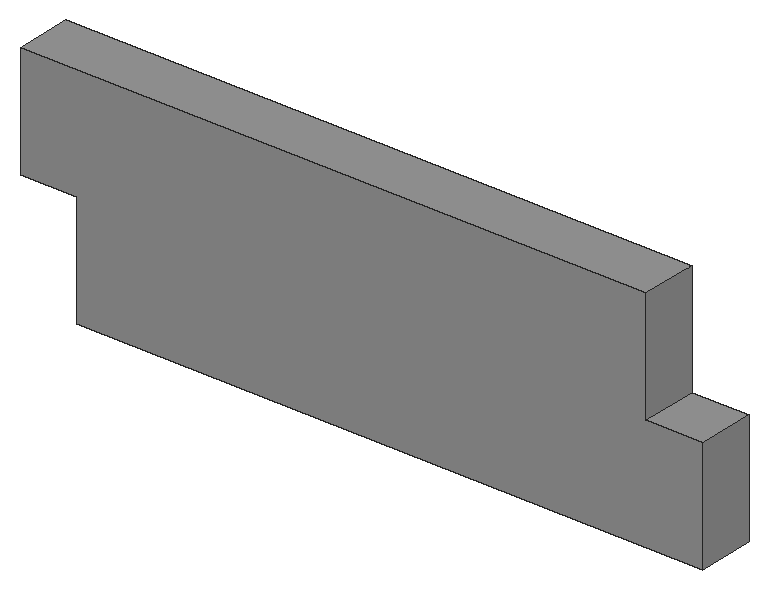
Revit family "3. TacoNegro_PNormal_ESP", category Generic Models, host Wall, Revit 2015
Parameters (values of type "Stonepanel® SKY Taco Negro. 20 cm - 60 cm")
  Ventajas de Stonepanel = "Eficaz: Instalación ágil y sencilla : 10 veces más rápido que la mampostería tradicional (Ritmo medio de colocación de 20 m2/día). Mayor rentabilidad gracias al menor desperdicio de material en obra y a la durabilidad de un producto natural frente a otros revestimientos. La colocación de los paneles no requiere mano de obra ni maquinaria especializada.\r\nSeguro: Un sistema de anclaje patentado, de acero inoxidable, que permite su instalación a más de 2 metros de altura. Base de cemento homogénea y rugosa que garantiza la adhesión y permite el corte sin desprendimiento.\r\nCalidad: Control permanente del proceso de producción desde la oficina I+D+I. Una cuidada selección de piedra natural realizada por los expertos de CUPASTONE. Disponibilidad de piezas especiales para adaptarse perfectamente a cada edificio: esquinas (macizas, rectas, dobles o para ventanas), cubremuros, y otros complementarios.\r\nEstética: Forma de “S” que evita la visión de las juntas para homogenizar el aspecto final. Gran variedad de paneles para elegir entre colores y acabados de piedra natural. La propia belleza y exclusividad de la piedra natural: Cada piedra es\r\núnica."
  Usos Indicados = "Revestimiento de Paredes exteriores e interiores en edificaciones nuevas o rehabilitaciones"
  Uniclass 2015 = "Pr_25_71_14_56 Natural stone panels"
  Uniclass 2 = "Pr_25_71_14_56 Natural stone panels"
  URL = "http://www.cupastone.es/producto/stonepanel-taco-negro/"
  Sistema de anclaje = "Cinta perforada en acero inoxidable:\r\n- Naturaleza del acero: AISI 316 (1.4401) o AISI 304 (1.4301)\r\n- Espesor mínimo (mm) : 0,7\r\n- Ancho (mm) : 12 a 15\r\n- Diámetro del hueco (mm) : 6 ± 1\r\n\r\nTacos:\r\nLa elección de los tacos y clavijas de fijación debe ser realizada teniendo en cuenta la acción en depresión del viento (muros exteriores) y de la resistencia de los tacos en el soporte, en función de la naturaleza del soporte."
  Resistencia al fuego = "No combustible"
  Resistencia a la flexión = "-"
  Resistencia al hielo = "Sin alteraciones despues de 50 ciclos"
  Resistencia = "Buena resistencia"
  Peso = "9 kg"
  Oxidación = "No oxida"
  Otros datos de interés del producto = "Dispone de un anclaje para instalar a alturas superiores a 2 metros"
  Omniclass = "23-15 15 15 11"
  Número de serie = "SPZ-19A"
  NBS Reference = "45-25-45/380 Natural stone panels"
  Model = "Stonpanel® SKY Taco Negro"
  Material = "Pizarra tradicional, de tonalidades negras y azuladas con tendencia a la oxidación en exteriores, para crear paredes o fachadas únicas, elegantes y llenas de personalidad."
  Limpieza = "En general, los paneles no requieren mantenimiento y son auto- limpiantes, pero la eliminación de algunos tipos de marcas pueden requerir un tratamiento especializado.\r\nEn caso de suciedad anormal, la superficie puede limpiarse con una mezcla / detergente doméstico y agua caliente , aplicada con una almohadilla de limpieza adecuado o una esponja."
  Largo = 600 mm
  Impacto = "-"
  Type Image = <None>
  Formato = "600x200"
  Forma de suministro = "Los paneles se presentan en parejas, en un embalaje plástico o en cajas de cartón de 3 o 4 piezas."
  Forma = "Forma de \"s\""
  Manufacturer = "Cupastone"
  Envejecimiento opr cambio térmicos = "Sin alteraciones despues de 20 ciclos."
  Ensayos realizados por SINTEF = "Ensayo a los materiales de piedra, Ensayos a los paneles, Durabilidad y absorción de agua"
  Ensayos realizados por DIBt = "Adherencia entre piedra y mortero, Adherencia entre piedra y mortero tras 50 ciclos de hielo-deshielo"
  Ensayos realizados por BBA = "Resistencia a daños por heladicidad, Resistencia a choque térmico, Adherencia entre piedra y mortero, Resistencia al arrancamiento del anclaje, Resistencia a impacto"
  Ensayos realizados por Avis Technique = "Resistencia mecánica del anclaje, Resistencia mecánica de la cinta de seguridad, Ensayo de durabilidad tras la acción del agua, Ensayo de durabilidad tras la acción del hielo, Ensayo sísmico"
  Durabilidad = "Según el certificado BBA, el sistema tiene una vida de diseño superior a 30 años."
  Detalles constructivos = "Detalles de:\r\n- Instalación con perfil metálico\r\n- Instalación de Stonepanel\r\n- Instalación en muro interior\r\n- Instalación del elemento de seguridad (cinta perforada + tacos)\r\n- Esquinas entrantes\r\n- Esquinas salientes\r\n- Esquinas salientes pre-fabricadas\r\n- Esquinas salientes mediante serrado del panel\r\n- Esquinas salientes sin continuidad de Stonepanel (caso de una fachada lateral)\r\n- Bordes superiores\r\n- Sobre parapeto\r\n- Marco de vano"
  Desfase de altura = 0 mm
  Description = "Pieza de piedra natural montada sobre una base de cemento y reforzada con una malla de fibra de vidrio .\r\nPosee sistema de anclaje patentado, de acero inoxidable, que permite su instalación a más de 2 metros de altura"
  Densidad aparente = "Entre 80 y 100kg/m2"
  Color secundario = "Marrón/Gris"
  Color principal = "Negro"
  Certificaciones = "BBA - Reino Unido, Avis Technique - Francia, DIBt - Alemania, SINTEF - Noruega"
  Aspecto = "Rústico"
  Ancho = 50 mm
  Alto = 200 mm
  Adherencia del mortero = ">1N/mm2"
  Acabado = "Natural"
  Absorción = "Baja absorción"
Types (2): name
  Stonepanel® SKY Taco Negro
  Stonepanel® SKY Taco Negro. 20 cm - 60 cm
Reference planes
  plane 1 "Muro": y = 0
  plane 2 "Centro (Izquierda/Derecha)": x = 125
  plane 3 "Posterior": y = 75
Forms (mm)
  Extrusion 1, solid, material "Stonepanel® SKY Taco Negro"
    sketch origin (0, 160, 1120) x (1, 0, 0) y (0, 0, 1)
      loop
        line (125, -1120) -> (125, -1020) -> (75, -1020) -> (75, -920) -> (-475, -920) -> (-475, -1020) -> (-425, -1020) -> (-425, -1120) -> (125, -1120)
    from 35 to 85
Text (mm)
  text "Cara de colocación" at (-1848.837, 1116.779, 0), in view "Nivel de referencia"
  text "Cara de colocación" at (0, 1409.804, 2854.306), in view "Izquierda"
  text "Cara de colocación" at (0, 499.811, 2980.732), in view "Derecha"
Dimensions and locks
  locked: plane 3 "Posterior" to host wall
  locked: Extrusion 1 to plane 3 "Posterior" at 0
  "Ancho": Extrusion 1 to Extrusion 1
  "Largo": Extrusion 1 to Extrusion 1
  locked: Extrusion 1 to Extrusion 1 at 100  (x2)
  "Desfase de altura": level to Extrusion 1
  locked: Extrusion 1 to Extrusion 1 at 50  (x2)
  "Alto": Extrusion 1 to Extrusion 1
  aligned and locked: plane 1 "Muro" to host wall
Automatic sketch dimensions
  level to Extrusion 1 sketch curve = 0 mm
  Extrusion 1 sketch curve to plane 2 "Centro (Izquierda/Derecha)" = 0 mm
  Extrusion 1 sketch curve to plane 2 "Centro (Izquierda/Derecha)" = 50 mm
  Extrusion 1 sketch curve to Extrusion 1 sketch curve = 500 mm
  Extrusion 1 sketch curve to Extrusion 1 sketch curve = 50 mm
  level to Extrusion 1 sketch curve = 100 mm  (x2)
  Extrusion 1 sketch curve to Extrusion 1 sketch curve = 100 mm
